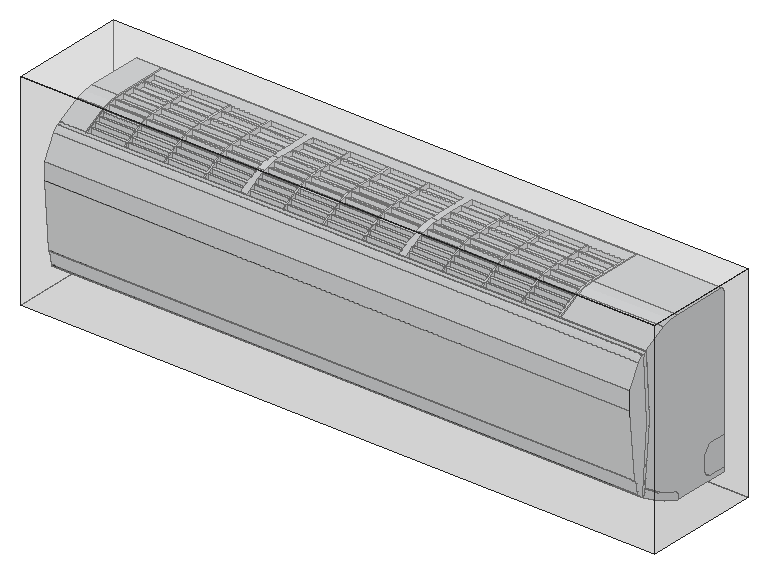
Revit family "outputfile", category 機械設備, Revit 2024
Family settings
  丸型コネクタ寸法 = 半径を使用
  パーツ タイプ = 標準
  OmniClass 番号 = 23.75.10.24.21.27.27
  OmniClass タイトル = Split System Air Conditioning Units
  作業面ベース = いいえ
  常に垂直 = はい
  ロード時にボイドで切り取り = いいえ
  注釈の向きを維持 = いいえ
  共有 = いいえ
  部屋計算ポイント = いいえ
Parameters (values of type "FAQ100CVEA")
  Description = ""
  書き出し IFC クラス(タイプ) = "IfcUnitaryEquipmentType"
  定義済み IFC タイプ(タイプ) = "AIRCONDITIONINGUNIT"
  Cost = 0
  Type Comments = ""
  Keynote = ""
  Type Image = (empty or 0)
  Assembly Code = ""
  switch_frequency = yes
  lw_0 = if(Width = 1200.0 mm, 89.0 mm, 98.0 mm)  # 89.0 mm
  lh_powersupply = 55.0 mm  # constant formula
  製造元 = "Daikin"
  モデル = "FAQ100CVEA"
  lh_drainpipe = 20.0 mm  # constant formula
  lh_liquidpipe = 30.0 mm  # constant formula
  lh_gaspipe = 50.0 mm  # constant formula
  r_Liquid Pipe Size = Liquid Pipe Size / 2  # 4.75 mm
  r_Gas Pipe Size = Gas Pipe Size / 2  # 7.95 mm
  r_Drain Pipe Size = Drain Pipe Size / 2  # 6.5 mm
  lw_powersupply [instance] = if(Width = 1200.0 mm, if(Right Connection_refrigerant, 389.0 mm, if(Left Connection_refrigerant, 389.0 mm, if(or(Rear Right Connection_refrigerant, Bottom Right Connection_refrigerant), 91.5 mm, 1154.0 mm))), if(Right Connection_refrigerant, 298.0 mm, if(Left Connection_refrigerant, 298.0 mm, if(or(Rear Right Connection_refrigerant, Bottom Right Connection_refrigerant), 105.0 mm, 1000.0 mm))))  # 389.0 mm
  lw_liquidpipe [instance] = if(Width = 1200.0 mm, if(Right Connection_refrigerant, 549.0 mm, if(Left Connection_refrigerant, 549.0 mm, if(or(Rear Right Connection_refrigerant, Bottom Right Connection_refrigerant), 85.0 mm, 1155.0 mm))), if(Right Connection_refrigerant, 488.0 mm, if(Left Connection_refrigerant, 488.0 mm, if(or(Rear Right Connection_refrigerant, Bottom Right Connection_refrigerant), 95.0 mm, 1010.0 mm))))  # 549.0 mm
  lw_gaspipe [instance] = if(Width = 1200.0 mm, if(Right Connection_refrigerant, 489.0 mm, if(Left Connection_refrigerant, 489.0 mm, if(or(Rear Right Connection_refrigerant, Bottom Right Connection_refrigerant), 109.0 mm, 1135.0 mm))), if(Right Connection_refrigerant, 443.0 mm, if(Left Connection_refrigerant, 443.0 mm, if(or(Rear Right Connection_refrigerant, Bottom Right Connection_refrigerant), 109.0 mm, 990.0 mm))))  # 489.0 mm
  lw_drainpipe [instance] = if(Width = 1200.0 mm, if(Right Connection_refrigerant, 554.0 mm, if(Left Connection_refrigerant, 554.0 mm, if(or(Rear Right Connection_refrigerant, Bottom Right Connection_refrigerant), 72.0 mm, 1120.0 mm))), if(Right Connection_refrigerant, 573.0 mm, if(Left Connection_refrigerant, 573.0 mm, if(or(Rear Right Connection_refrigerant, Bottom Right Connection_refrigerant), 80.0 mm, 975.0 mm))))  # 554.0 mm
  l_powersupply_length [instance] = if(Width = 1200.0 mm, if(Right Connection_refrigerant, 389.0 mm, if(Left Connection_refrigerant, 811.0 mm, if(or(Rear Left Connection_refrigerant, Rear Right Connection_refrigerant), 15.0 mm, 55.0 mm))), if(Right Connection_refrigerant, 298.0 mm, if(Left Connection_refrigerant, 752.0 mm, if(or(Rear Left Connection_refrigerant, Rear Right Connection_refrigerant), 15.0 mm, 55.0 mm))))  # 389.0 mm
  l_liquidpipe_length [instance] = if(Width = 1200.0 mm, if(Right Connection_refrigerant, 549.0 mm, if(Left Connection_refrigerant, 651.0 mm, if(or(Rear Left Connection_refrigerant, Rear Right Connection_refrigerant), 35.0 mm, 30.0 mm))), if(Right Connection_refrigerant, 488.0 mm, if(Left Connection_refrigerant, 562.0 mm, if(or(Rear Left Connection_refrigerant, Rear Right Connection_refrigerant), 35.0 mm, 30.0 mm))))  # 549.0 mm
  l_gaspipe_length [instance] = if(Width = 1200.0 mm, if(Right Connection_refrigerant, 489.0 mm, if(Left Connection_refrigerant, 711.0 mm, if(or(Rear Left Connection_refrigerant, Rear Right Connection_refrigerant), 35.0 mm, 50.0 mm))), if(Right Connection_refrigerant, 443.0 mm, if(Left Connection_refrigerant, 607.0 mm, if(or(Rear Left Connection_refrigerant, Rear Right Connection_refrigerant), 35.0 mm, 50.0 mm))))  # 489.0 mm
  l_drainpipe_length [instance] = if(Width = 1200.0 mm, if(Right Connection_refrigerant, 554.0 mm, if(Left Connection_refrigerant, 646.0 mm, if(or(Rear Left Connection_refrigerant, Rear Right Connection_refrigerant), 15.0 mm, 20.0 mm))), if(Right Connection_refrigerant, 573.0 mm, if(Left Connection_refrigerant, 477.0 mm, if(or(Rear Left Connection_refrigerant, Rear Right Connection_refrigerant), 15.0 mm, 20.0 mm))))  # 554.0 mm
  h*** = 0.0 mm  # constant formula
  connector_voltage = Voltage_50Hz  # 230 V
  connector_powerinput = 0.000 kW
  connector_phase = Phase_50Hz  # 1
  angle_vertical [instance] = if(or(Bottom Left Connection_refrigerant, Bottom Right Connection_refrigerant), 0.00°, 90.00°)  # 90.00°
  angle_horizontal [instance] = if(Right Connection_refrigerant, 90.00°, if(Left Connection_refrigerant, -90.00°, if(or(Rear Left Connection_refrigerant, Rear Right Connection_refrigerant), 180.00°, 0.00°)))  # 90.00°
  Width = 1200.0 mm
  Voltage_comment_60Hz = "220"
  Voltage_comment_50Hz = "220 - 240"
  Voltage_60Hz = 220 V
  Voltage_50Hz = 230 V
  Version = "ver.1.0"
  Unit Type = "Wall Mounted"
  Unit Mass Weight = 17.00 kg
  Unit Designation [instance] = ""
  Uniclass2015Version = "Products v1.30"
  Uniclass2015Title = "Split coil room air conditioning units"
  Uniclass2015Code = "Pr_70_65_03_86"
  URL = ""
  Total Heating Capacity [instance] = 0.000 kW
  Total Cooling Capacity [instance] = 0.000 kW
  Sound Pressure Level_M speed (dBA) = 45
  Sound Pressure Level_L speed (dBA) = 41
  Sound Pressure Level_H speed (dBA) = 49
  Sound Power Level_H speed (dB) = 0
  Series = "SkyAir_Fan Coil Unit"
  Sensible Cooling Capacity [instance] = 0.000 kW
  Refrigerant Type = "R410A"
  Power Input (Heating) = 3.450 kW
  Power Input (Cooling) = 3.190 kW
  Phase_60Hz = 1
  Phase_50Hz = 1
  Option Accessory 3 [instance] = ""
  Option Accessory 2 [instance] = ""
  Option Accessory 1 [instance] = ""
  Nominal Heating Capacity = 11.200 kW
  Nominal Cooling Capacity = 10.000 kW
  Minimum Circuit Amps_60Hz = 0.0 A
  Minimum Circuit Amps_50Hz = 0.0 A
  Minimum Airflow = 1140.00 m³/h
  Median Airflow = 1380.00 m³/h
  Maximum Fuse Amps_60Hz = 0.0 A
  Maximum Fuse Amps_50Hz = 0.0 A
  Maximum Airflow = 1560.00 m³/h
  Material_Casing = DAIKIN_FreshWhite_Casing_indoorunit
  Load Classification = HVAC
  Liquid Pipe Size = 9.5 mm
  Link_Nested Family [instance] = ""
  IfcVersion = ""
  IfcExportType = "AIRCONDITIONINGUNIT"
  IfcExportAs = "IfcUnitaryEquipmentType"
  Height = 340.0 mm
  Heating Entering Wet Bulb Temperature [instance] = -273.15 °C
  Heating Entering Dry Bulb Temperature [instance] = -273.15 °C
  Heating Ambient Wet Bulb Temperature [instance] = -273.15 °C
  Heating Ambient Dry Bulb Temperature [instance] = -273.15 °C
  Heat Exchanger Type = "Cross Fin Coil"
  Gas Pipe Size = 15.9 mm
  Frequency_60Hz = 60 Hz
  Frequency_50Hz = 50 Hz
  Fan Type = "Cross Flow Fan"
  Fan Drive = "-"
  FCU Tag No. [instance] = ""
  Drain Pipe Size = 13.0 mm
  Design Supply Airflow [instance] = 0.00 m³/h
  Depth = 240.0 mm
  既定の高さ = 0.0 mm
  Cooling Entering Wet Bulb Temperature [instance] = 0.00 °C
  Cooling Entering Dry Bulb Temperature [instance] = 0.00 °C
  Cooling Ambient Wet Bulb Temperature [instance] = 0.00 °C
  Cooling Ambient Dry Bulb Temperature [instance] = 0.00 °C
  Clearance visibility [instance] = yes
  Clearance Top = 50.0 mm
  Clearance Right = 50.0 mm
  Clearance Rear = 0.0 mm
  Clearance Left = 50.0 mm
  Clearance Front = 0.0 mm
  Clearance Bottom = 30.0 mm
  Bottom Right Connection_refrigerant [instance] = no
  Bottom Left Connection_refrigerant [instance] = no
  Rear Right Connection_refrigerant [instance] = no
  Rear Left Connection_refrigerant [instance] = no
  Right Connection_refrigerant [instance] = yes
  Left Connection_refrigerant [instance] = no
Reference planes
  plane 1 "Back": y = 0
  plane 2: z = 0
  plane 3 "Center (Left/Right)": x = 0
  plane 4 "Center (Front/Back)": y = -119
  plane 5: y = -238
  plane 6 "Left": x = -600
  plane 7 "Right": x = 600
  plane 8 "Top": z = 0
  plane 9: x = -650
  plane 10: x = 650
  plane 11: z = 50
  plane 12 "ld_drainpipe": y = -15
  plane 13: z = -284.5
  plane 14: z = -269.5
  plane 15: z = -251
  plane 16 "Clearance Bottom": z = -370
  plane 17: x = 46
  plane 18: x = 51
  plane 19: x = 111
  plane 20: x = 211
  plane 21 "Height": z = -340
  plane 22 "Front": y = -240
  plane 23: y = -35
  plane 24: x = 511
  plane 25: y = -240
  plane 26: y = 0
Dimensions and locks
  equal spacing: plane 6 "Left", plane 3 "Center (Left/Right)", plane 7 "Right"
  "Width": plane 6 "Left" to plane 7 "Right"
  locked: plane 12 "ld_drainpipe" to plane 1 "Back" at 15
  "Clearance Left": plane 9 to plane 6 "Left"
  "Clearance Right": plane 7 "Right" to plane 10
  "Height": plane 8 "Top" to plane 21 "Height"
  "Depth": plane 22 "Front" to plane 1 "Back"
  locked: plane 23 to plane 1 "Back" at 35
  "lw_0": plane 24 to plane 7 "Right"
  "lw_powersupply": plane 20 to plane 7 "Right"
  "lw_liquidpipe": plane 18 to plane 7 "Right"
  "lw_drainpipe": plane 17 to plane 7 "Right"
  "lw_gaspipe": plane 19 to plane 7 "Right"
  "Clearance Front": plane 22 "Front" to plane 25
  "Clearance Rear": plane 26 to plane 1 "Back"
  "Clearance Bottom": plane 21 "Height" to plane 16 "Clearance Bottom"
  "Clearance Top": plane 11 to plane 8 "Top"
  aligned and locked: level to plane 2
  aligned and locked: plane 9 to nested 1
  aligned and locked: plane 10 to nested 1
  aligned and locked: plane 11 to nested 1
  aligned and locked: nested 5 to plane 12 "ld_drainpipe"
  aligned and locked: level to plane 8 "Top"
  aligned and locked: plane 16 "Clearance Bottom" to nested 1
  aligned and locked: plane 17 to nested 4
  aligned and locked: plane 18 to nested 3
  aligned and locked: plane 19 to nested 2
  aligned and locked: plane 20 to nested 5
  aligned and locked: nested 2 to plane 23
  aligned and locked: nested 4 to plane 12 "ld_drainpipe"
  aligned and locked: nested 3 to plane 23
  aligned and locked: plane 25 to nested 1
  aligned and locked: nested 1 to plane 26
  aligned and locked: plane 1 "Back" to nested 6
  aligned and locked: plane 3 "Center (Left/Right)" to nested 6
Nested families
  nested 1: "daikin_clearancespace" at (0, -120, -159.881), show <- "Clearance visibility", visible <- "Clearance visibility", Link_Nested Family <- "Link_Nested Family", type "daikin_clearancespace"
    with width 1300.0 mm, show yes, height 420.0 mm, depth 240.0 mm, Link_Nested Family ""
  nested 2: "daikin_connector_rotate3" at (111, -35, -290), angle_vertical <- "angle_vertical", angle_horizontal <- "angle_horizontal", length <- "l_gaspipe_length", radius <- "r_Gas Pipe Size", built-in parameter 1001364 <- "lh_gaspipe", type "daikin_connector_rotate3"
    with show no, radius 7.95 mm, length 489.0 mm, angle_vertical 90.00°, angle_horizontal 90.00°
  nested 3: "daikin_connector_rotate3" at (51, -35, -310), angle_vertical <- "angle_vertical", angle_horizontal <- "angle_horizontal", radius <- "r_Liquid Pipe Size", length <- "l_liquidpipe_length", built-in parameter 1001364 <- "lh_liquidpipe", type "daikin_connector_rotate3"
    with show no, radius 4.75 mm, length 549.0 mm, angle_vertical 90.00°, angle_horizontal 90.00°
  nested 4: "daikin_connector_rotate3" at (46, -15, -320), angle_vertical <- "angle_vertical", angle_horizontal <- "angle_horizontal", length <- "l_drainpipe_length", radius <- "r_Drain Pipe Size", built-in parameter 1001364 <- "lh_drainpipe", type "daikin_connector_rotate3"
    with show no, radius 6.5 mm, length 554.0 mm, angle_vertical 90.00°, angle_horizontal 90.00°
  nested 5: "daikin_connector_rotate3" at (211, -15, -285), angle_vertical <- "angle_vertical", angle_horizontal <- "angle_horizontal", length <- "l_powersupply_length", built-in parameter 1001364 <- "lh_powersupply", type "daikin_connector_rotate3"
    with show no, radius 10.0 mm, length 389.0 mm, angle_vertical 90.00°, angle_horizontal 90.00°
  nested 6: "DAIKIN_indoorunit_FAQ-CVEA" at (0, 0, 0), type "FAQ-CVEA"
Connectors
  electrical at (600, -15, -285), driven by "Load Classification", driven by "connector_voltage", driven by "connector_phase", driven by "connector_powerinput"
    settings: on nested 5, index 1, voltage 230 V, apparent load 0 VA, apparent load phase1 0 VA, apparent load phase2 0 VA, apparent load phase3 0 VA, power factor 1, load classification "HVAC", number of poles 1, system type 30, power factor state 1, is connector primary yes, connector utility no, sub classification motor no, connector description "Power Supply"
  piping at (600, -15, -320), diameter 13, driven by "r_Drain Pipe Size"
    settings: on nested 4, index 2, connector inside diameter 609.6 mm, connector length 0.0 mm, flow factor 0, pipe flow 0.00 m³/h, pressure drop 0.0 Pa, fitting loss kfactor 0, connector angle 0.00°, fixture units 0, engagement length 0.0 mm, angle of deflection 0.00°, flow configuration 1, flow direction 2, fitting loss method 4, system type 16, joint type 0, gender type 0, connector reference index -1, connector utility 0, adjustable connector no, is connector primary yes, connector description "Condensate Drain Piping"
  piping at (600, -35, -290), diameter 15.9, driven by "r_Gas Pipe Size"
    settings: on nested 2, index 3, connector inside diameter 609.6 mm, connector length 0.0 mm, flow factor 0, pipe flow 0.00 m³/h, pressure drop 0.0 Pa, fitting loss kfactor 0, connector angle 0.00°, fixture units 0, engagement length 0.0 mm, angle of deflection 0.00°, flow configuration 1, flow direction 2, fitting loss method 0, system type 29, joint type 0, gender type 0, connector reference index -1, connector utility 0, adjustable connector no, is connector primary no, connector description "Refrigerant Gas Piping"
  piping at (600, -35, -310), diameter 9.5, driven by "r_Liquid Pipe Size"
    settings: on nested 3, index 4, connector inside diameter 609.6 mm, connector length 0.0 mm, flow factor 0, pipe flow 0.00 m³/h, pressure drop 0.0 Pa, fitting loss kfactor 0, connector angle 0.00°, fixture units 0, engagement length 0.0 mm, angle of deflection 0.00°, flow configuration 1, flow direction 1, fitting loss method 0, system type 29, joint type 0, gender type 0, connector reference index -1, connector utility 0, adjustable connector no, is connector primary no, connector description "Refrigerant Liquid Piping"
Definition of nested family "daikin_clearancespace"
  Parameters (values of type "daikin_clearancespace")
    Description = "daikin_clearancespace"
    width [instance] = 1823.963 mm
    show [instance] = yes
    material = none
    height [instance] = 1359.762 mm
    depth [instance] = 880.0 mm
    Default Elevation = 0.0 mm
    Link_Nested Family [instance] = ""
  Reference planes
    plane 1 "Center (Front/Back)": y = 0
    plane 2 "Center (Elevation)": z = -0.119
    plane 3 "Center (Left/Right)": x = 0
    plane 4: y = 440
    plane 5: y = -440
    plane 6 "Right": x = 911.982
    plane 7 "Left": x = -911.982
    plane 8 "Top": z = 679.762
    plane 9 "Bottom": z = -680
  Forms (mm)
    Extrusion 1, solid, material <- "material", visible <- "show"
      sketch origin (0, 0, 0) x (1, 0, 0) y (0, 1, 0)
        loop
          line (-911.982, 440) -> (-911.982, -440) -> (911.982, -440) -> (911.982, 440) -> (-911.982, 440)
      from -680 to 679.762
  Lines and regions (mm)
    symbolic lines, visible <- "show"
      curve 1: line (911.982, 440, 0) -> (-911.982, 440, 0)
      curve 2: line (-911.982, 440, 0) -> (-911.982, -440, 0)
      curve 3: line (-911.982, -440, 0) -> (911.982, -440, 0)
      curve 4: line (911.982, -440, 0) -> (911.982, 440, 0)
      curve 5: line (911.982, 0, 679.762) -> (-911.982, 0, 679.762)
      curve 6: line (911.982, 0, -680) -> (911.982, 0, 679.762)
      curve 7: line (-911.982, 0, -680) -> (911.982, 0, -680)
      curve 8: line (-911.982, 0, 679.762) -> (-911.982, 0, -680)
      curve 9: line (0, 440, 679.762) -> (0, -440, 679.762)
      curve 10: line (0, -440, 679.762) -> (0, -440, -680)
      curve 11: line (0, 440, -680) -> (0, 440, 679.762)
      curve 12: line (0, -440, -680) -> (0, 440, -680)
  Dimensions and locks
    "width": plane 7 "Left" to plane 6 "Right"
    "depth": plane 4 to plane 5
    "height": plane 8 "Top" to plane 9 "Bottom"
    equal spacing: plane 7 "Left", plane 3 "Center (Left/Right)", plane 6 "Right"
    equal spacing: plane 4, plane 1 "Center (Front/Back)", plane 5
    equal spacing: plane 8 "Top", plane 2 "Center (Elevation)", plane 9 "Bottom"
    aligned and locked: level to plane 2 "Center (Elevation)"
    aligned and locked: Extrusion 1 sketch curve to plane 4
    aligned and locked: plane 7 "Left" to Extrusion 1 sketch curve
    aligned and locked: Extrusion 1 sketch curve to plane 5
    aligned and locked: Extrusion 1 sketch curve to plane 6 "Right"
    aligned and locked: plane 8 "Top" to Extrusion 1
    aligned and locked: curve 1 to Extrusion 1
    aligned and locked: curve 2 to Extrusion 1
    aligned and locked: curve 3 to Extrusion 1
    aligned and locked: curve 4 to Extrusion 1
    aligned and locked: curve 5 to Extrusion 1
    aligned and locked: curve 6 to Extrusion 1
    aligned and locked: curve 7 to Extrusion 1
    aligned and locked: curve 8 to Extrusion 1
    aligned and locked: curve 9 to Extrusion 1
    aligned and locked: curve 10 to Extrusion 1
    aligned and locked: curve 11 to Extrusion 1
    aligned and locked: curve 12 to Extrusion 1
    aligned and locked: Extrusion 1 to plane 9 "Bottom"
Definition of nested family "DAIKIN_indoorunit_FAQ-CVEA"
  Parameters (values of type "FTXV-LVMA")
    Width = 1200.0 mm
    Material_Casing = none
    Default Elevation = 0.0 mm
  Reference planes
    plane 1 "Center (Front/Back)": y = 0
    plane 2 "reference_level": z = 0
    plane 3 "1": x = 31
    plane 4 "Center (Left/Right)": x = 0
  Forms (mm)
    Extrusion 1, solid, material <- "Material_Casing"
      sketch origin (0, 0, -340) x (-1, 0, 0) y (0, -1, 0)
        loop
          line (-481, 0) -> (-481, 30)
          arc (-481, 30) -> (-486.858, 44.142) -> (-501, 50) r 20
          line (-501, 50) -> (-521, 50)
          arc (-521, 50) -> (-535.142, 44.142) -> (-541, 30) r 20
          line (-541, 30) -> (-541, 0) -> (-481, 0)
        loop
          line (565, 0) -> (565, 30)
          arc (565, 30) -> (559.142, 44.142) -> (545, 50) r 20
          line (545, 50) -> (527, 50)
          arc (527, 50) -> (511.444, 43.556) -> (505, 28) r 22
          line (505, 28) -> (505, 0) -> (565, 0)
      from 0 to 5
    Extrusion 2, solid, material <- "Material_Casing"
      sketch origin (0, 0, -50) x (1, 0, 0) y (0, 0, 1)
        loop
          circle (511, -245) r 40
        loop
          circle (-535, -245) r 40
      from 0 to 5
    Extrusion 3, solid, material <- "Material_Casing"
      sketch origin (-600, 1296.25, 1100) x (0, 1, 0) y (0, 0, 1)
        loop
          line (-1296.25, -1372) -> (-1326.25, -1372)
          arc (-1326.25, -1372) -> (-1340.393, -1377.858) -> (-1346.25, -1392) r 20
          line (-1346.25, -1392) -> (-1346.25, -1412)
          arc (-1346.25, -1412) -> (-1340.393, -1426.142) -> (-1326.25, -1432) r 20
          line (-1326.25, -1432) -> (-1296.25, -1432) -> (-1296.25, -1372)
      from 0 to 5
    Extrusion 4, solid, material <- "Material_Casing"
      sketch origin (600, 1296.25, 1100) x (0, -1, 0) y (0, 0, 1)
        loop
          line (1326.25, -1372) -> (1296.25, -1372) -> (1296.25, -1432) -> (1326.25, -1432)
          arc (1326.25, -1432) -> (1340.393, -1426.142) -> (1346.25, -1412) r 20
          line (1346.25, -1412) -> (1346.25, -1392)
          arc (1346.25, -1392) -> (1340.393, -1377.858) -> (1326.25, -1372) r 20
      from 0 to 5
    Extrusion 5, solid, material <- "Material_Casing"
      sketch origin (-525, 1296.25, 1200) x (0, 1, 0) y (0, 0, 1)
        loop
          arc (-1414.53, -1200) -> (-1433.267, -1201.771) -> (-1451.34, -1207.021) r 100
          arc (-1451.34, -1207.021) -> (-1474.643, -1217.913) -> (-1496.851, -1230.895) r 280.348
          arc (-1496.851, -1230.895) -> (-1488.792, -1356.115) -> (-1499.137, -1481.168) r 855.571
          arc (-1499.137, -1481.168) -> (-1461.589, -1504.926) -> (-1420.723, -1522.369) r 276.738
          arc (-1420.723, -1522.369) -> (-1416.186, -1525.633) -> (-1414.45, -1530.946) r 9
          line (-1414.45, -1530.946) -> (-1414.45, -1539.8) -> (-1391.582, -1540) -> (-1296.25, -1540) -> (-1296.25, -1208.5) -> (-1301.25, -1200) -> (-1414.53, -1200)
      from -75 to 1125
    Extrusion 6, solid, material <- "Material_Casing"
      sketch origin (-525, 1296.25, 1200) x (0, 1, 0) y (0, 0, 1)
        loop
          arc (-1501.859, -1497.458) -> (-1475.736, -1513.997) -> (-1447.967, -1527.594) r 283.534
          arc (-1447.967, -1527.594) -> (-1431.88, -1534.057) -> (-1415.45, -1539.594) r 304.638
          line (-1415.45, -1539.594) -> (-1415.45, -1530.946)
          arc (-1415.45, -1530.946) -> (-1416.993, -1526.223) -> (-1421.026, -1523.322) r 8
          arc (-1421.026, -1523.322) -> (-1461.813, -1505.933) -> (-1499.311, -1482.274) r 277.681
          arc (-1499.311, -1482.274) -> (-1500.551, -1489.872) -> (-1501.859, -1497.458) r 855.571
      from -75 to 1125
    Extrusion 7, solid, material <- "Material_Casing"
      sketch origin (-525, 1296.25, 1200) x (0, 1, 0) y (0, 0, 1)
        loop
          arc (-1503.229, -1235.057) -> (-1508.901, -1239.326) -> (-1513.144, -1245.018) r 25
          line (-1513.144, -1245.018) -> (-1536.248, -1287.496) -> (-1536.248, -1322.47)
          arc (-1536.248, -1322.47) -> (-1532.781, -1389.515) -> (-1524.761, -1456.169) r 986.007
          arc (-1524.761, -1456.169) -> (-1524.423, -1456.775) -> (-1523.773, -1457.015) r 1
          line (-1523.773, -1457.015) -> (-1521.98, -1457.015) -> (-1517.347, -1485.603)
          arc (-1517.347, -1485.603) -> (-1517.15, -1486.139) -> (-1516.767, -1486.562) r 1.5
          line (-1516.767, -1486.562) -> (-1508.235, -1492.97)
          arc (-1508.235, -1492.97) -> (-1506.489, -1493.204) -> (-1505.38, -1491.835) r 1.8
          arc (-1505.38, -1491.835) -> (-1493.338, -1364.297) -> (-1500.577, -1236.397) r 851
          arc (-1500.577, -1236.397) -> (-1501.55, -1235.027) -> (-1503.229, -1235.057) r 1.8
      from -75 to 1125
    Extrusion 8, solid, material <- "Material_Casing"
      sketch origin (-525, 1296.25, 1200) x (0, 1, 0) y (0, 0, 1)
        loop
          line (-1505.214, -1490.862) -> (-1501.463, -1495.203)
          arc (-1501.463, -1495.203) -> (-1488.887, -1363.228) -> (-1496.851, -1230.895) r 855.571
          line (-1496.851, -1230.895) -> (-1497.577, -1231.734)
          arc (-1497.577, -1231.734) -> (-1499.303, -1234.185) -> (-1500.507, -1236.93) r 15
          arc (-1500.507, -1236.93) -> (-1493.334, -1364.073) -> (-1505.214, -1490.862) r 851
      from -75 to 1125
    Extrusion 9, solid, material <- "Material_Casing"
      sketch origin (-525, 1296.25, 1200) x (0, 1, 0) y (0, 0, 1)
        loop
          arc (-1478.615, -1512.365) -> (-1463.554, -1520.426) -> (-1448.034, -1527.566) r 283.534
          line (-1448.034, -1527.566) -> (-1443.038, -1514.901)
          arc (-1443.038, -1514.901) -> (-1458.562, -1507.611) -> (-1473.606, -1499.376) r 277.682
          line (-1473.606, -1499.376) -> (-1478.615, -1512.365)
        loop
          arc (-1447.118, -1527.962) -> (-1441.584, -1530.286) -> (-1436.006, -1532.5) r 304.638
          line (-1436.006, -1532.5) -> (-1431.084, -1519.734)
          arc (-1431.084, -1519.734) -> (-1436.675, -1517.554) -> (-1442.217, -1515.254) r 277.682
          line (-1442.217, -1515.254) -> (-1447.118, -1527.962)
      from -23 to 944
    Extrusion 10, void
      sketch origin (-525, 1296.25, 1197) x (0, 1, 0) y (0, 0, 1)
        loop
          line (-1301.25, -1210) -> (-1301.25, -1197) -> (-1414.53, -1197)
          arc (-1414.53, -1197) -> (-1433.839, -1198.826) -> (-1452.464, -1204.24) r 103
          arc (-1452.464, -1204.24) -> (-1476.027, -1215.251) -> (-1498.482, -1228.377) r 283.348
          line (-1498.482, -1228.377) -> (-1491.413, -1239.287)
          arc (-1491.413, -1239.287) -> (-1470.03, -1226.785) -> (-1447.593, -1216.293) r 270.348
          arc (-1447.593, -1216.293) -> (-1431.358, -1211.587) -> (-1414.53, -1210) r 90
          line (-1414.53, -1210) -> (-1301.25, -1210)
      from -22 to 950
    Extrusion 11, solid, material <- "Material_Casing"
      sketch origin (-525, 1296.25, 1200) x (0, 1, 0) y (0, 0, 1)
        loop
          line (-1301.25, -1209) -> (-1301.25, -1200) -> (-1414.53, -1200)
          arc (-1414.53, -1200) -> (-1433.267, -1201.771) -> (-1451.34, -1207.021) r 100
          arc (-1451.34, -1207.021) -> (-1474.643, -1217.913) -> (-1496.851, -1230.895) r 280.348
          line (-1496.851, -1230.895) -> (-1491.957, -1238.448)
          arc (-1491.957, -1238.448) -> (-1470.492, -1225.898) -> (-1447.968, -1215.366) r 271.348
          arc (-1447.968, -1215.366) -> (-1431.549, -1210.606) -> (-1414.53, -1209) r 91
          line (-1414.53, -1209) -> (-1301.25, -1209)
      from -22 to 950
    Extrusion 12, void
      sketch origin (-610.615, -1524, -243) x (-1, 0, 0) y (0, -1, 0)
        loop
          line (-141.512, -1492) -> (-67.615, -1492) -> (-67.615, -1468.306) -> (-141.512, -1468.306) -> (-141.512, -1492)
        loop
          line (-141.512, -1465.694) -> (-67.615, -1465.694) -> (-67.615, -1440.306) -> (-141.512, -1440.306) -> (-141.512, -1465.694)
        loop
          line (-141.512, -1330.638) -> (-67.615, -1330.638) -> (-67.615, -1323.4) -> (-141.512, -1323.4) -> (-141.512, -1330.638)
        loop
          line (-141.512, -1340.646) -> (-67.615, -1340.646) -> (-67.615, -1333.343) -> (-141.512, -1333.343) -> (-141.512, -1340.646)
        loop
          line (-141.512, -1351.654) -> (-67.615, -1351.654) -> (-67.615, -1343.336) -> (-141.512, -1343.336) -> (-141.512, -1351.654)
        loop
          line (-141.512, -1362.661) -> (-67.615, -1362.661) -> (-67.615, -1354.33) -> (-141.512, -1354.33) -> (-141.512, -1362.661)
        loop
          line (-141.512, -1376.675) -> (-67.615, -1376.675) -> (-67.615, -1365.325) -> (-141.512, -1365.325) -> (-141.512, -1376.675)
        loop
          line (-141.512, -1392.69) -> (-67.615, -1392.69) -> (-67.615, -1379.314) -> (-141.512, -1379.314) -> (-141.512, -1392.69)
        loop
          line (-141.512, -1413.694) -> (-67.615, -1413.694) -> (-67.615, -1395.306) -> (-141.512, -1395.306) -> (-141.512, -1413.694)
        loop
          line (-141.512, -1437.694) -> (-67.615, -1437.694) -> (-67.615, -1416.306) -> (-141.512, -1416.306) -> (-141.512, -1437.694)
        loop
          line (-222.712, -1492) -> (-144.512, -1492) -> (-144.512, -1468.306) -> (-222.712, -1468.306) -> (-222.712, -1492)
        loop
          line (-222.712, -1465.694) -> (-144.512, -1465.694) -> (-144.512, -1440.306) -> (-222.712, -1440.306) -> (-222.712, -1465.694)
        loop
          line (-222.712, -1330.638) -> (-144.512, -1330.638) -> (-144.512, -1323.4) -> (-222.712, -1323.4) -> (-222.712, -1330.638)
        loop
          line (-222.712, -1340.646) -> (-144.512, -1340.646) -> (-144.512, -1333.343) -> (-222.712, -1333.343) -> (-222.712, -1340.646)
        loop
          line (-222.712, -1351.654) -> (-144.512, -1351.654) -> (-144.512, -1343.336) -> (-222.712, -1343.336) -> (-222.712, -1351.654)
        loop
          line (-222.712, -1362.661) -> (-144.512, -1362.661) -> (-144.512, -1354.33) -> (-222.712, -1354.33) -> (-222.712, -1362.661)
        loop
          line (-222.712, -1376.675) -> (-144.512, -1376.675) -> (-144.512, -1365.325) -> (-222.712, -1365.325) -> (-222.712, -1376.675)
        loop
          line (-222.712, -1392.69) -> (-144.512, -1392.69) -> (-144.512, -1379.314) -> (-222.712, -1379.314) -> (-222.712, -1392.69)
        loop
          line (-222.712, -1413.694) -> (-144.512, -1413.694) -> (-144.512, -1395.306) -> (-222.712, -1395.306) -> (-222.712, -1413.694)
        loop
          line (-222.712, -1437.694) -> (-144.512, -1437.694) -> (-144.512, -1416.306) -> (-222.712, -1416.306) -> (-222.712, -1437.694)
        loop
          line (-303.912, -1492) -> (-225.712, -1492) -> (-225.712, -1468.306) -> (-303.912, -1468.306) -> (-303.912, -1492)
        loop
          line (-303.912, -1465.694) -> (-225.712, -1465.694) -> (-225.712, -1440.306) -> (-303.912, -1440.306) -> (-303.912, -1465.694)
        loop
          line (-303.912, -1330.638) -> (-225.712, -1330.638) -> (-225.712, -1323.4) -> (-303.912, -1323.4) -> (-303.912, -1330.638)
        loop
          line (-303.912, -1340.646) -> (-225.712, -1340.646) -> (-225.712, -1333.343) -> (-303.912, -1333.343) -> (-303.912, -1340.646)
        loop
          line (-303.912, -1351.654) -> (-225.712, -1351.654) -> (-225.712, -1343.336) -> (-303.912, -1343.336) -> (-303.912, -1351.654)
        loop
          line (-303.912, -1362.661) -> (-225.712, -1362.661) -> (-225.712, -1354.33) -> (-303.912, -1354.33) -> (-303.912, -1362.661)
        loop
          line (-303.912, -1376.675) -> (-225.712, -1376.675) -> (-225.712, -1365.325) -> (-303.912, -1365.325) -> (-303.912, -1376.675)
        loop
          line (-303.912, -1392.69) -> (-225.712, -1392.69) -> (-225.712, -1379.314) -> (-303.912, -1379.314) -> (-303.912, -1392.69)
        loop
          line (-303.912, -1413.694) -> (-225.712, -1413.694) -> (-225.712, -1395.306) -> (-303.912, -1395.306) -> (-303.912, -1413.694)
        loop
          line (-303.912, -1437.694) -> (-225.712, -1437.694) -> (-225.712, -1416.306) -> (-303.912, -1416.306) -> (-303.912, -1437.694)
        loop
          line (-380.212, -1492) -> (-306.912, -1492) -> (-306.912, -1468.306) -> (-380.212, -1468.306) -> (-380.212, -1492)
        loop
          line (-380.212, -1465.694) -> (-306.912, -1465.694) -> (-306.912, -1440.306) -> (-380.212, -1440.306) -> (-380.212, -1465.694)
        loop
          line (-380.212, -1330.638) -> (-306.912, -1330.638) -> (-306.912, -1323.4) -> (-380.212, -1323.4) -> (-380.212, -1330.638)
        loop
          line (-380.212, -1340.646) -> (-306.912, -1340.646) -> (-306.912, -1333.343) -> (-380.212, -1333.343) -> (-380.212, -1340.646)
        loop
          line (-380.212, -1351.654) -> (-306.912, -1351.654) -> (-306.912, -1343.336) -> (-380.212, -1343.336) -> (-380.212, -1351.654)
        loop
          line (-380.212, -1362.661) -> (-306.912, -1362.661) -> (-306.912, -1354.33) -> (-380.212, -1354.33) -> (-380.212, -1362.661)
        loop
          line (-380.212, -1376.675) -> (-306.912, -1376.675) -> (-306.912, -1365.325) -> (-380.212, -1365.325) -> (-380.212, -1376.675)
        loop
          line (-380.212, -1392.69) -> (-306.912, -1392.69) -> (-306.912, -1379.314) -> (-380.212, -1379.314) -> (-380.212, -1392.69)
        loop
          line (-380.212, -1413.694) -> (-306.912, -1413.694) -> (-306.912, -1395.306) -> (-380.212, -1395.306) -> (-380.212, -1413.694)
        loop
          line (-380.212, -1437.694) -> (-306.912, -1437.694) -> (-306.912, -1416.306) -> (-380.212, -1416.306) -> (-380.212, -1437.694)
        loop
          line (-467.012, -1492) -> (-393.212, -1492) -> (-393.212, -1468.306) -> (-467.012, -1468.306) -> (-467.012, -1492)
        loop
          line (-467.012, -1465.694) -> (-393.212, -1465.694) -> (-393.212, -1440.306) -> (-467.012, -1440.306) -> (-467.012, -1465.694)
        loop
          line (-467.012, -1330.638) -> (-393.115, -1330.638) -> (-393.115, -1323.4) -> (-467.012, -1323.4) -> (-467.012, -1330.638)
        loop
          line (-467.012, -1340.646) -> (-393.115, -1340.646) -> (-393.115, -1333.343) -> (-467.012, -1333.343) -> (-467.012, -1340.646)
        loop
          line (-467.012, -1351.654) -> (-393.115, -1351.654) -> (-393.115, -1343.336) -> (-467.012, -1343.336) -> (-467.012, -1351.654)
        loop
          line (-467.012, -1362.661) -> (-393.115, -1362.661) -> (-393.115, -1354.33) -> (-467.012, -1354.33) -> (-467.012, -1362.661)
        loop
          line (-467.012, -1376.675) -> (-393.115, -1376.675) -> (-393.115, -1365.325) -> (-467.012, -1365.325) -> (-467.012, -1376.675)
        loop
          line (-467.012, -1392.69) -> (-393.115, -1392.69) -> (-393.115, -1379.314) -> (-467.012, -1379.314) -> (-467.012, -1392.69)
        loop
          line (-467.012, -1413.694) -> (-393.115, -1413.694) -> (-393.115, -1395.306) -> (-467.012, -1395.306) -> (-467.012, -1413.694)
        loop
          line (-467.012, -1437.694) -> (-393.212, -1437.694) -> (-393.212, -1416.306) -> (-467.012, -1416.306) -> (-467.012, -1437.694)
        loop
          line (-548.212, -1492) -> (-470.012, -1492) -> (-470.012, -1468.306) -> (-548.212, -1468.306) -> (-548.212, -1492)
        loop
          line (-548.212, -1465.694) -> (-470.012, -1465.694) -> (-470.012, -1440.306) -> (-548.212, -1440.306) -> (-548.212, -1465.694)
        loop
          line (-548.212, -1330.638) -> (-470.012, -1330.638) -> (-470.012, -1323.4) -> (-548.212, -1323.4) -> (-548.212, -1330.638)
        loop
          line (-548.212, -1340.646) -> (-470.012, -1340.646) -> (-470.012, -1333.343) -> (-548.212, -1333.343) -> (-548.212, -1340.646)
        loop
          line (-548.212, -1351.654) -> (-470.012, -1351.654) -> (-470.012, -1343.336) -> (-548.212, -1343.336) -> (-548.212, -1351.654)
        loop
          line (-548.212, -1362.661) -> (-470.012, -1362.661) -> (-470.012, -1354.33) -> (-548.212, -1354.33) -> (-548.212, -1362.661)
        loop
          line (-548.212, -1376.675) -> (-470.012, -1376.675) -> (-470.012, -1365.325) -> (-548.212, -1365.325) -> (-548.212, -1376.675)
        loop
          line (-548.212, -1392.69) -> (-470.012, -1392.69) -> (-470.012, -1379.314) -> (-548.212, -1379.314) -> (-548.212, -1392.69)
        loop
          line (-548.212, -1413.694) -> (-470.012, -1413.694) -> (-470.012, -1395.306) -> (-548.212, -1395.306) -> (-548.212, -1413.694)
        loop
          line (-548.212, -1437.694) -> (-470.012, -1437.694) -> (-470.012, -1416.306) -> (-548.212, -1416.306) -> (-548.212, -1437.694)
        loop
          line (-629.412, -1492) -> (-551.212, -1492) -> (-551.212, -1468.306) -> (-629.412, -1468.306) -> (-629.412, -1492)
        loop
          line (-629.412, -1465.694) -> (-551.212, -1465.694) -> (-551.212, -1440.306) -> (-629.412, -1440.306) -> (-629.412, -1465.694)
        loop
          line (-629.412, -1330.638) -> (-551.212, -1330.638) -> (-551.212, -1323.4) -> (-629.412, -1323.4) -> (-629.412, -1330.638)
        loop
          line (-629.412, -1340.646) -> (-551.212, -1340.646) -> (-551.212, -1333.343) -> (-629.412, -1333.343) -> (-629.412, -1340.646)
        loop
          line (-629.412, -1351.654) -> (-551.212, -1351.654) -> (-551.212, -1343.336) -> (-629.412, -1343.336) -> (-629.412, -1351.654)
        loop
          line (-629.412, -1362.661) -> (-551.212, -1362.661) -> (-551.212, -1354.33) -> (-629.412, -1354.33) -> (-629.412, -1362.661)
        loop
          line (-629.412, -1376.675) -> (-551.212, -1376.675) -> (-551.212, -1365.325) -> (-629.412, -1365.325) -> (-629.412, -1376.675)
        loop
          line (-629.412, -1392.69) -> (-551.212, -1392.69) -> (-551.212, -1379.314) -> (-629.412, -1379.314) -> (-629.412, -1392.69)
        loop
          line (-629.412, -1413.694) -> (-551.212, -1413.694) -> (-551.212, -1395.306) -> (-629.412, -1395.306) -> (-629.412, -1413.694)
        loop
          line (-629.412, -1437.694) -> (-551.212, -1437.694) -> (-551.212, -1416.306) -> (-629.412, -1416.306) -> (-629.412, -1437.694)
        loop
          line (-705.712, -1492) -> (-632.412, -1492) -> (-632.412, -1468.306) -> (-705.712, -1468.306) -> (-705.712, -1492)
        loop
          line (-705.712, -1465.694) -> (-632.412, -1465.694) -> (-632.412, -1440.306) -> (-705.712, -1440.306) -> (-705.712, -1465.694)
        loop
          line (-705.712, -1330.638) -> (-632.412, -1330.638) -> (-632.412, -1323.4) -> (-705.712, -1323.4) -> (-705.712, -1330.638)
        loop
          line (-705.712, -1340.646) -> (-632.412, -1340.646) -> (-632.412, -1333.343) -> (-705.712, -1333.343) -> (-705.712, -1340.646)
        loop
          line (-705.712, -1351.654) -> (-632.412, -1351.654) -> (-632.412, -1343.336) -> (-705.712, -1343.336) -> (-705.712, -1351.654)
        loop
          line (-705.712, -1362.661) -> (-632.412, -1362.661) -> (-632.412, -1354.33) -> (-705.712, -1354.33) -> (-705.712, -1362.661)
        loop
          line (-705.712, -1376.675) -> (-632.412, -1376.675) -> (-632.412, -1365.325) -> (-705.712, -1365.325) -> (-705.712, -1376.675)
        loop
          line (-705.712, -1392.69) -> (-632.412, -1392.69) -> (-632.412, -1379.314) -> (-705.712, -1379.314) -> (-705.712, -1392.69)
        loop
          line (-705.712, -1413.694) -> (-632.412, -1413.694) -> (-632.412, -1395.306) -> (-705.712, -1395.306) -> (-705.712, -1413.694)
        loop
          line (-705.712, -1437.694) -> (-632.412, -1437.694) -> (-632.412, -1416.306) -> (-705.712, -1416.306) -> (-705.712, -1437.694)
        loop
          line (-792.512, -1492) -> (-718.712, -1492) -> (-718.712, -1468.306) -> (-792.512, -1468.306) -> (-792.512, -1492)
        loop
          line (-792.512, -1465.694) -> (-718.712, -1465.694) -> (-718.712, -1440.306) -> (-792.512, -1440.306) -> (-792.512, -1465.694)
        loop
          line (-792.512, -1330.638) -> (-718.615, -1330.638) -> (-718.615, -1323.4) -> (-792.512, -1323.4) -> (-792.512, -1330.638)
        loop
          line (-792.512, -1340.646) -> (-718.615, -1340.646) -> (-718.615, -1333.343) -> (-792.512, -1333.343) -> (-792.512, -1340.646)
        loop
          line (-792.512, -1351.654) -> (-718.615, -1351.654) -> (-718.615, -1343.336) -> (-792.512, -1343.336) -> (-792.512, -1351.654)
        loop
          line (-792.512, -1362.661) -> (-718.615, -1362.661) -> (-718.615, -1354.33) -> (-792.512, -1354.33) -> (-792.512, -1362.661)
        loop
          line (-792.512, -1376.675) -> (-718.615, -1376.675) -> (-718.615, -1365.325) -> (-792.512, -1365.325) -> (-792.512, -1376.675)
        loop
          line (-792.512, -1392.69) -> (-718.615, -1392.69) -> (-718.615, -1379.314) -> (-792.512, -1379.314) -> (-792.512, -1392.69)
        loop
          line (-792.512, -1413.694) -> (-718.615, -1413.694) -> (-718.615, -1395.306) -> (-792.512, -1395.306) -> (-792.512, -1413.694)
        loop
          line (-792.512, -1437.694) -> (-718.712, -1437.694) -> (-718.712, -1416.306) -> (-792.512, -1416.306) -> (-792.512, -1437.694)
        loop
          line (-873.712, -1492) -> (-795.512, -1492) -> (-795.512, -1468.306) -> (-873.712, -1468.306) -> (-873.712, -1492)
        loop
          line (-873.712, -1465.694) -> (-795.512, -1465.694) -> (-795.512, -1440.306) -> (-873.712, -1440.306) -> (-873.712, -1465.694)
        loop
          line (-873.712, -1330.638) -> (-795.512, -1330.638) -> (-795.512, -1323.4) -> (-873.712, -1323.4) -> (-873.712, -1330.638)
        loop
          line (-873.712, -1340.646) -> (-795.512, -1340.646) -> (-795.512, -1333.343) -> (-873.712, -1333.343) -> (-873.712, -1340.646)
        loop
          line (-873.712, -1351.654) -> (-795.512, -1351.654) -> (-795.512, -1343.336) -> (-873.712, -1343.336) -> (-873.712, -1351.654)
        loop
          line (-873.712, -1362.661) -> (-795.512, -1362.661) -> (-795.512, -1354.33) -> (-873.712, -1354.33) -> (-873.712, -1362.661)
        loop
          line (-873.712, -1376.675) -> (-795.512, -1376.675) -> (-795.512, -1365.325) -> (-873.712, -1365.325) -> (-873.712, -1376.675)
        loop
          line (-873.712, -1392.69) -> (-795.512, -1392.69) -> (-795.512, -1379.314) -> (-873.712, -1379.314) -> (-873.712, -1392.69)
        loop
          line (-873.712, -1413.694) -> (-795.512, -1413.694) -> (-795.512, -1395.306) -> (-873.712, -1395.306) -> (-873.712, -1413.694)
        loop
          line (-873.712, -1437.694) -> (-795.512, -1437.694) -> (-795.512, -1416.306) -> (-873.712, -1416.306) -> (-873.712, -1437.694)
        loop
          line (-954.912, -1492) -> (-876.712, -1492) -> (-876.712, -1468.306) -> (-954.912, -1468.306) -> (-954.912, -1492)
        loop
          line (-954.912, -1465.694) -> (-876.712, -1465.694) -> (-876.712, -1440.306) -> (-954.912, -1440.306) -> (-954.912, -1465.694)
        loop
          line (-954.912, -1330.638) -> (-876.712, -1330.638) -> (-876.712, -1323.4) -> (-954.912, -1323.4) -> (-954.912, -1330.638)
        loop
          line (-954.912, -1340.646) -> (-876.712, -1340.646) -> (-876.712, -1333.343) -> (-954.912, -1333.343) -> (-954.912, -1340.646)
        loop
          line (-954.912, -1351.654) -> (-876.712, -1351.654) -> (-876.712, -1343.336) -> (-954.912, -1343.336) -> (-954.912, -1351.654)
        loop
          line (-954.912, -1362.661) -> (-876.712, -1362.661) -> (-876.712, -1354.33) -> (-954.912, -1354.33) -> (-954.912, -1362.661)
        loop
          line (-954.912, -1376.675) -> (-876.712, -1376.675) -> (-876.712, -1365.325) -> (-954.912, -1365.325) -> (-954.912, -1376.675)
        loop
          line (-954.912, -1392.69) -> (-876.712, -1392.69) -> (-876.712, -1379.314) -> (-954.912, -1379.314) -> (-954.912, -1392.69)
        loop
          line (-954.912, -1413.694) -> (-876.712, -1413.694) -> (-876.712, -1395.306) -> (-954.912, -1395.306) -> (-954.912, -1413.694)
        loop
          line (-954.912, -1437.694) -> (-876.712, -1437.694) -> (-876.712, -1416.306) -> (-954.912, -1416.306) -> (-954.912, -1437.694)
        loop
          line (-1031.615, -1492) -> (-957.912, -1492) -> (-957.912, -1468.306) -> (-1031.615, -1468.306) -> (-1031.615, -1492)
        loop
          line (-1031.615, -1465.694) -> (-957.912, -1465.694) -> (-957.912, -1440.306) -> (-1031.615, -1440.306) -> (-1031.615, -1465.694)
        loop
          line (-1031.615, -1330.638) -> (-957.912, -1330.638) -> (-957.912, -1323.4) -> (-1031.615, -1323.4) -> (-1031.615, -1330.638)
        loop
          line (-1031.615, -1340.646) -> (-957.912, -1340.646) -> (-957.912, -1333.343) -> (-1031.615, -1333.343) -> (-1031.615, -1340.646)
        loop
          line (-1031.615, -1351.654) -> (-957.912, -1351.654) -> (-957.912, -1343.336) -> (-1031.615, -1343.336) -> (-1031.615, -1351.654)
        loop
          line (-1031.615, -1362.661) -> (-957.912, -1362.661) -> (-957.912, -1354.33) -> (-1031.615, -1354.33) -> (-1031.615, -1362.661)
        loop
          line (-1031.615, -1376.675) -> (-957.912, -1376.675) -> (-957.912, -1365.325) -> (-1031.615, -1365.325) -> (-1031.615, -1376.675)
        loop
          line (-1031.615, -1392.69) -> (-957.912, -1392.69) -> (-957.912, -1379.314) -> (-1031.615, -1379.314) -> (-1031.615, -1392.69)
        loop
          line (-1031.615, -1413.694) -> (-957.912, -1413.694) -> (-957.912, -1395.306) -> (-1031.615, -1395.306) -> (-1031.615, -1413.694)
        loop
          line (-1031.615, -1437.694) -> (-957.912, -1437.694) -> (-957.912, -1416.306) -> (-1031.615, -1416.306) -> (-1031.615, -1437.694)
      from 197.544 to 247.174
    Extrusion 13, void
      sketch origin (-525, 1296.25, 1200) x (0, 1, 0) y (0, 0, 1)
        loop
          arc (-1449.151, -1530.351) -> (-1443.144, -1532.889) -> (-1437.086, -1535.299) r 307.638
          line (-1437.086, -1535.299) -> (-1431.085, -1519.738)
          arc (-1431.085, -1519.738) -> (-1452.779, -1510.462) -> (-1473.607, -1499.378) r 277.681
          line (-1473.607, -1499.378) -> (-1479.707, -1515.197)
          arc (-1479.707, -1515.197) -> (-1464.655, -1523.229) -> (-1449.151, -1530.351) r 286.534
      from -28 to 949
  Cuts and joins
    Extrusion 10 cuts Extrusion 5
    Extrusion 12 cuts Extrusion 11
    Extrusion 13 cuts Extrusion 6
  Dimensions and locks
    locked: Extrusion 1 sketch curve to Extrusion 1 sketch curve at 60  (x2)
    locked: Extrusion 1 sketch curve to Extrusion 1 sketch curve at 50
    locked: Extrusion 4 sketch curve to Extrusion 4 sketch curve at 60
    locked: Extrusion 4 sketch curve to Extrusion 4 sketch curve at 50
    aligned and locked: level to plane 2 "reference_level"
    aligned and locked: Extrusion 1 sketch curve to Extrusion 1 sketch curve  (x2)
  Nested families
    nested 1: "daikin_logo_plane_w40" at (556.312, -181.194, -312.99) x (1, 0, 0) z (0, -0.4777, -0.8785), type "daikin_logo_plane_w40"
      with show_logo yes
  Definition of nested family "daikin_logo_plane_w40"
    Parameters (values of type "daikin_logo_plane_w40")
      width = 40.0 mm
      show_logo [instance] = yes
      material = none
      height = 0.0 mm
      depth = 0.0 mm
      Default Elevation = 1219.2 mm
    Reference planes
      plane 1 "Center (Front/Back)": y = 0
      plane 2: z = 0
      plane 3 "Center (Left/Right)": x = 0
      plane 4: z = 2
      plane 5 "left": x = -19
      plane 6: x = 19
    Forms (mm)
      Extrusion 1, solid, visible <- "show_logo"
        sketch origin (-19, 0, 0) x (1, 0, 0) y (0, 1, 0)
          loop
            line (8.902, -1.878) -> (7.789, -6.332) -> (11.13, -6.332)
            arc (11.13, -6.332) -> (12.454, -6.064) -> (13.472, -5.176) r 2.642
            arc (13.472, -5.176) -> (13.92, -4.02) -> (13.767, -2.79) r 2.537
            arc (13.767, -2.79) -> (13.452, -2.342) -> (12.982, -2.06) r 1.321
            arc (12.982, -2.06) -> (12.063, -1.902) -> (11.13, -1.878) r 6.479
            line (11.13, -1.878) -> (8.902, -1.878)
          loop
            line (10.016, -5.441) -> (10.907, -5.441)
            arc (10.907, -5.441) -> (11.591, -4.983) -> (11.988, -4.261) r 1.742
            spline (11.988, -4.261) -> (12.01, -4.155) -> (12.027, -4.03) -> (12.037, -3.893) -> (12.037, -3.747) -> (12.026, -3.598) -> (12.002, -3.451) -> (11.962, -3.31) -> (11.905, -3.181) -> (11.829, -3.069) -> (11.731, -2.978) -> (11.61, -2.913) -> (11.464, -2.88)
            line (11.464, -2.88) -> (10.573, -2.88) -> (10.016, -5.441)
          loop
            line (13.58, -6.332) -> (14.805, -6.332) -> (15.223, -5.553) -> (16.977, -5.553) -> (17.144, -6.332) -> (19.149, -6.332) -> (18.258, -1.878) -> (16.03, -1.878) -> (13.58, -6.332)
          loop
            line (16.476, -3.214) -> (15.76, -4.551) -> (16.762, -4.551) -> (16.476, -3.214)
          loop
            line (19.705, -6.332) -> (21.599, -6.332) -> (22.712, -1.878) -> (20.819, -1.878) -> (19.705, -6.332)
          loop
            line (22.712, -6.332) -> (24.606, -6.332) -> (24.908, -5.122) -> (25.831, -6.332) -> (28.17, -6.332) -> (26.388, -3.994) -> (28.949, -1.878) -> (26.945, -1.878) -> (25.401, -3.153) -> (25.719, -1.878) -> (23.826, -1.878) -> (22.712, -6.332)
          loop
            line (29.84, -1.878) -> (28.615, -6.332) -> (30.62, -6.332) -> (31.734, -1.878) -> (29.84, -1.878)
          loop
            line (31.734, -6.332) -> (33.07, -6.332) -> (33.7, -3.814) -> (34.518, -6.332) -> (36.745, -6.332) -> (37.859, -1.878) -> (36.523, -1.878) -> (35.845, -4.589) -> (34.963, -1.878) -> (32.847, -1.878) -> (31.734, -6.332)
        from 0 to 2
      Extrusion 2, solid, visible <- "show_logo"
        sketch origin (-19, 0, 0) x (1, 0, 0) y (0, 1, 0)
          loop
            line (8.7, 0) -> (4.235, 0) -> (0, -3.879) -> (0, -8) -> (8.7, 0)
        from 0 to 2
      Extrusion 3, solid, visible <- "show_logo"
        sketch origin (-19, 0, 0) x (1, 0, 0) y (0, 1, 0)
          loop
            line (0, 0) -> (0, -3.879) -> (4.235, 0) -> (0, 0)
        from 0 to 2
    Dimensions and locks
      plane 4 to plane 2 = 2.0 mm
      equal spacing: plane 5 "left", plane 3 "Center (Left/Right)", plane 6
      locked: plane 5 "left" to plane 6 at 38
      aligned and locked: level to plane 2
      aligned and locked: Extrusion 3 to plane 1 "Center (Front/Back)"  (x2)
      aligned and locked: Extrusion 2 to plane 1 "Center (Front/Back)"  (x2)
      aligned and locked: plane 4 to Extrusion 1
      aligned and locked: plane 4 to Extrusion 3
      aligned and locked: plane 4 to Extrusion 2
      aligned and locked: Extrusion 3 to plane 5 "left"
      aligned and locked: Extrusion 2 to plane 5 "left"
    Automatic sketch dimensions
      Extrusion 1 sketch curve to Extrusion 1 sketch curve = 0.901 mm
      Extrusion 1 sketch curve to Extrusion 1 sketch curve = 1.559 mm
      Extrusion 1 sketch curve to Extrusion 1 sketch curve = 1.327 mm
      Extrusion 1 sketch curve to Extrusion 1 sketch curve = 2.145 mm
      Extrusion 1 sketch curve to Extrusion 1 sketch curve = 1.448 mm
      Extrusion 1 sketch curve to Extrusion 1 sketch curve = 2.116 mm
      Extrusion 1 sketch curve to Extrusion 1 sketch curve = 1.114 mm  (x4)
      Extrusion 1 sketch curve to Extrusion 1 sketch curve = 1.336 mm  (x2)
      plane 1 "Center (Front/Back)" to Extrusion 1 sketch curve = 1.878 mm  (x5)
      Extrusion 1 sketch curve to Extrusion 1 sketch curve = 1.893 mm  (x5)
      Extrusion 1 sketch curve to Extrusion 1 sketch curve = 0.891 mm  (x4)
      Extrusion 1 sketch curve to Extrusion 1 sketch curve = 2.005 mm  (x3)
      Extrusion 1 sketch curve to Extrusion 1 sketch curve = 0.445 mm  (x2)
      plane 1 "Center (Front/Back)" to Extrusion 1 sketch curve = 3.994 mm
      Extrusion 1 sketch curve to Extrusion 1 sketch curve = 0.557 mm  (x2)
      Extrusion 1 sketch curve to Extrusion 1 sketch curve = 2.339 mm  (x2)
      Extrusion 1 sketch curve to Extrusion 1 sketch curve = 1.225 mm  (x3)
      plane 1 "Center (Front/Back)" to Extrusion 1 sketch curve = 3.153 mm
      Extrusion 1 sketch curve to Extrusion 1 sketch curve = 0.987 mm
      plane 1 "Center (Front/Back)" to Extrusion 1 sketch curve = 5.122 mm
      Extrusion 1 sketch curve to Extrusion 1 sketch curve = 0.922 mm
      plane 1 "Center (Front/Back)" to Extrusion 1 sketch curve = 6.332 mm
      Extrusion 1 sketch curve to Extrusion 1 sketch curve = 2.562 mm
      plane 1 "Center (Front/Back)" to Extrusion 1 sketch curve = 5.553 mm
      Extrusion 1 sketch curve to Extrusion 1 sketch curve = 0.167 mm
      Extrusion 1 sketch curve to Extrusion 1 sketch curve = 0.215 mm
      plane 1 "Center (Front/Back)" to Extrusion 1 sketch curve = 3.214 mm
      Extrusion 1 sketch curve to Extrusion 1 sketch curve = 0.286 mm
      plane 1 "Center (Front/Back)" to Extrusion 1 sketch curve = 4.551 mm
      Extrusion 1 sketch curve to Extrusion 1 sketch curve = 1.002 mm
      Extrusion 1 sketch curve to Extrusion 1 sketch curve = 0.537 mm
      Extrusion 1 sketch curve to Extrusion 1 sketch curve = 0.418 mm
      Extrusion 1 sketch curve to Extrusion 1 sketch curve = 1.028 mm
      plane 1 "Center (Front/Back)" to Extrusion 1 sketch curve = 4.261 mm
      Extrusion 1 sketch curve to Extrusion 1 sketch curve = 0.563 mm
      plane 1 "Center (Front/Back)" to Extrusion 1 sketch curve = 2.88 mm
      Extrusion 1 sketch curve to Extrusion 1 sketch curve = 1.088 mm
      Extrusion 1 sketch curve to Extrusion 1 sketch curve = 2.152 mm
      Extrusion 1 sketch curve to Extrusion 1 sketch curve = 0.586 mm
      Extrusion 1 sketch curve to Extrusion 1 sketch curve = 0.118 mm
      Extrusion 1 sketch curve to Extrusion 1 sketch curve = 0.298 mm
      Extrusion 1 sketch curve to Extrusion 1 sketch curve = 0.334 mm
      Extrusion 1 sketch curve to Extrusion 1 sketch curve = 0.223 mm
      Extrusion 1 sketch curve to Extrusion 1 sketch curve = 0.266 mm
      Extrusion 1 sketch curve to Extrusion 1 sketch curve = 1.671 mm
      Extrusion 1 sketch curve to Extrusion 1 sketch curve = 2.227 mm
      Extrusion 1 sketch curve to Extrusion 1 sketch curve = 0.0 mm  (x7)
      Extrusion 1 sketch curve to Extrusion 1 sketch curve = 3.453 mm
      Extrusion 1 sketch curve to Extrusion 1 sketch curve = 2.017 mm
      Extrusion 1 sketch curve to Extrusion 1 sketch curve = 0.78 mm  (x2)
      Extrusion 1 sketch curve to Extrusion 1 sketch curve = 1.743 mm
      Extrusion 1 sketch curve to Extrusion 1 sketch curve = 0.775 mm
      Extrusion 1 sketch curve to Extrusion 1 sketch curve = 0.552 mm
      Extrusion 1 sketch curve to Extrusion 1 sketch curve = 0.014 mm
      Extrusion 1 sketch curve to Extrusion 1 sketch curve = 0.952 mm
      Extrusion 1 sketch curve to Extrusion 1 sketch curve = 1.215 mm
      Extrusion 1 sketch curve to Extrusion 1 sketch curve = 0.108 mm
      plane 1 "Center (Front/Back)" to Extrusion 2 sketch curve = 0.0 mm
      Extrusion 2 sketch curve to plane 3 "Center (Left/Right)" = 19.0 mm
      Extrusion 2 sketch curve to plane 3 "Center (Left/Right)" = 14.765 mm
      Extrusion 2 sketch curve to Extrusion 2 sketch curve = 4.465 mm
      plane 1 "Center (Front/Back)" to Extrusion 2 sketch curve = 3.879 mm
      Extrusion 2 sketch curve to Extrusion 2 sketch curve = 4.12 mm
      plane 1 "Center (Front/Back)" to Extrusion 3 sketch curve = 0.0 mm
      Extrusion 3 sketch curve to plane 3 "Center (Left/Right)" = 19.0 mm
      Extrusion 3 sketch curve to plane 3 "Center (Left/Right)" = 14.765 mm
      plane 1 "Center (Front/Back)" to Extrusion 3 sketch curve = 3.879 mm
      Extrusion 1 sketch curve to plane 3 "Center (Left/Right)" = 11.211 mm
      Extrusion 1 sketch curve to Extrusion 1 sketch curve = 1.782 mm
Definition of nested family "daikin_connector_rotate3"
  Parameters (values of type "daikin_connector_rotate3")
    show [instance] = yes
    radius [instance] = 10.0 mm
    length [instance] = 600.0 mm
    angle_horizontal [instance] = 60.00°
    angle_vertical [instance] = 90.00°
    Default Elevation = 1219.2 mm
  Reference planes
    plane 1 "Center (Front/Back)": y = 0
    plane 2: z = 0
    plane 3 "Center (Left/Right)": x = 0
  Dimensions and locks
    "angle_horizontal": angle plane 3 "Center (Left/Right)" to nested 1
    aligned and locked: level to plane 2
    aligned and locked: plane 1 "Center (Front/Back)" to nested 1  (x2)
    aligned and locked: plane 3 "Center (Left/Right)" to nested 1
  Nested families
    nested 1: "daikin_connector_rotate2" at (0, 0, 0) x (0.5, 0.866, 0) z (0, 0, 1), angle_vertical <- "angle_vertical", length <- "length", radius <- "radius", type "daikin_connector_rotate2"
      with radius 10.0 mm, length 600.0 mm, angle_vertical 90.00°
  Definition of nested family "daikin_connector_rotate2"
    Parameters (values of type "daikin_connector_rotate2")
      show_face = yes
      radius [instance] = 10.0 mm
      length [instance] = 600.0 mm
      d_surface = 10.0 mm
      angle_vertical [instance] = 90.00°
      Default Elevation = 0.0 mm
    Reference planes
      plane 1 "Center (Front/Back)": y = 0
      plane 2: z = 0
      plane 3 "Center (Left/Right)": x = 0
    Forms (mm)
      Extrusion 1, solid, visible <- "show_face"
        sketch origin (0, -600, 0) x (1, 0, 0) y (0, 0, 1)
          loop
            circle (0, 0) r 10
        from 0 to -10
    Lines and regions (mm)
      reference lines
        curve 1: line (0, 0, 0) -> (0, -600, 0)
      symbolic lines
        curve 2: circle (0, 0, 0) r 5 normal (0, 0, 1)
      model lines, visible <- "show_face"
        curve 3: line (0, 0, 0) -> (0, -600, 0)
    Dimensions and locks
      "length": curve 1 to curve 1
      "length": curve 3 to curve 3
      "d_surface": Extrusion 1 to Extrusion 1
      "radius": radius of Extrusion 1 sketch curve
      "angle_vertical": angle curve 1 to plane 1 "Center (Front/Back)"
      "angle_vertical": angle curve 3 to plane 1 "Center (Front/Back)"
      aligned and locked: level to plane 2
      aligned and locked: plane 1 "Center (Front/Back)" to curve 1
      aligned and locked: plane 2 to curve 1
      aligned and locked: plane 1 "Center (Front/Back)" to curve 2
      aligned and locked: plane 3 "Center (Left/Right)" to curve 2
      aligned and locked: plane 1 "Center (Front/Back)" to curve 3
      aligned and locked: plane 2 to curve 3
      aligned and locked: Extrusion 1 to Extrusion 1
    Automatic sketch dimensions
      Extrusion 1 sketch curve to level = 0.0 mm
      Extrusion 1 sketch curve to plane 3 "Center (Left/Right)" = 0.0 mm
      radius of curve 2 = 5.0 mm
